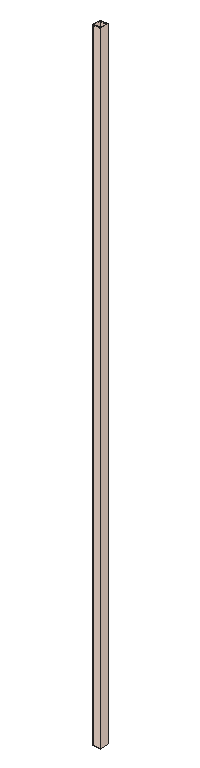
Revit family "sq4040", category 機械設備, Revit 2022
Family settings
  丸型コネクタ寸法 = 直径を使用
  種別 = なし
  パーツ タイプ = 標準
  作業面ベース = いいえ
  常に垂直 = はい
  ロード時にボイドで切り取り = いいえ
  注釈の向きを維持 = いいえ
  共有 = いいえ
  部屋計算ポイント = いいえ
Parameters
  製造元 = "株式会社桐井製作所"
  既定の高さ = 0 mm
  URL = "https://www.kirii.co.jp/"
  K_長さ(mm) [instance] = 3000 mm
  K_材質 = "SGCC　一般用"
  K_断面積A(mm2) = 76.8
  K_断面係数Zy(mm3) = 944.7
  K_断面係数Zx(mm3) = 889
  K_断面2次半径iy(mm) = 16.3
  K_断面2次半径ix(mm) = 15.2
  K_断面2次モーメントIy(mm4) = 20440
  K_断面2次モーメントIx(mm4) = 17780
  K_外形寸法(mm) = "□40×40"
  K_品名 = "SQ-BAR4040"
  K_名称 = "角型スタッド"
  K_単位質量(kg/m) = 0.624
  K_ヤング係数E(N/mm2) = 205000
  K_バージョン情報 = "20210524"
  K_めっき付着量 = "Z08"
  K_JIS規格 = "JIS G 3302"
Reference planes
  plane 1 "中心(正面/背面)": y = 0
  plane 2: z = 0
  plane 3 "中心(左/右)": x = 0
  plane 4: x = 20
  plane 5: x = -20
  plane 6: y = 20
  plane 7: z = 3000
  plane 8: y = -20
Forms (mm)
  Extrusion 1, solid
    sketch origin (0.5, -20, 0) x (1, 0, 0) y (0, 1, 0)
      loop
        line (-20.5, 40) -> (-20.5, 0) -> (19.5, 0) -> (19.5, 40) -> (-20.5, 40)
      loop
        line (-20, 39.5) -> (-20, 0.5) -> (19, 0.5) -> (19, 39.5) -> (-20, 39.5)
    from 0 to 3000
Dimensions and locks
  locked: Extrusion 1 sketch curve to Extrusion 1 sketch curve at 0.5  (x4)
  "K_長さ(mm)": plane 7 to level
  aligned and locked: level to plane 2
  aligned and locked: Extrusion 1 sketch curve to plane 6
  aligned and locked: plane 7 to Extrusion 1
  aligned and locked: plane 6 to Extrusion 1
  aligned and locked: Extrusion 1 to plane 8
  aligned and locked: Extrusion 1 to plane 5
  aligned and locked: plane 4 to Extrusion 1
Automatic sketch dimensions
  Extrusion 1 sketch curve to plane 4 = 0.5 mm
  plane 5 to Extrusion 1 sketch curve = 0.5 mm
  plane 1 "中心(正面/背面)" to Extrusion 1 sketch curve = 19.5 mm
